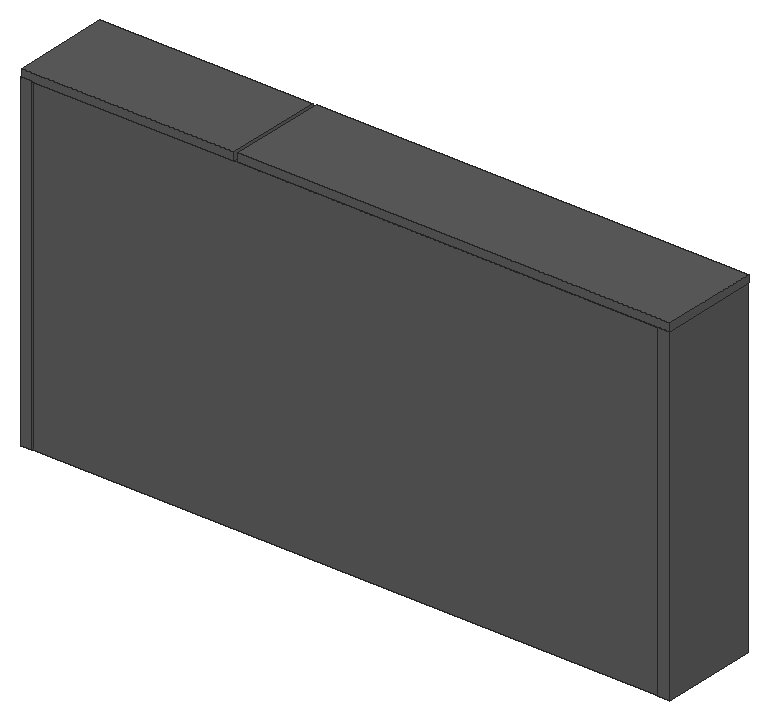
Revit family "SideUnit-90cm-WithDrawer-Right-Vitra-OriginSeries-65847+65848+65849", category Furniture Systems, host Face, Revit 2017
Family settings
  Host = Face
  Round Connector Dimension = Use Diameter
  Part Type = Normal
  OmniClass Number = 23.40.00.00
  OmniClass Title = Equipment and Furnishings
  Cut with Voids When Loaded = No
  Shared = Yes
  Room Calculation Point = No
Parameters (values of type "SideUnit-90cm-Vitra-OriginSeries-65847")
  Youtube = "https://www.youtube.com/user/VitrAglobal"
  Weight Net (kg) = ""
  Warranty Period (Year) = "2"
  Uniformat II Description = "FURNISHINGS"
  Uniformat II Code = "E20"
  Uniclass 2015 Name = "Wash basins, sinks and troughs"
  Uniclass 2015 Code = "Pr_40_20_93"
  Uniclass 2.0 Description = "Bathroom Cabinets"
  Uniclass 2.0 Code = "PR-35-75-08"
  Uniclass 1.4 Description = "Bathroom Cabinets"
  Uniclass 1.4 Code = "L8241"
  URL = "https://vitraglobal.com/"
  UNSPSC Description = "Bathroom Cabinets"
  UNSPSC Code = ""
  Technical description = "https://www.vitraglobal.com/pdf/65847/"
  Tap hole Options (default) = ""
  Specification = ""
  Region South America = "All"
  Region Oceania = "All"
  Region North America = "All"
  Region Middle East = "All"
  Region Europe = "All"
  Region Asia = "All"
  Region Antarctica = "All"
  Region Africa = "All"
  Product url = "https://www.vitraglobal.com/bathroom-furniture/counters/storage-tables/origin-side-unit-with-drawer-sku-65847/"
  Product manual = ""
  Product group = "Origin side unit with drawer"
  Product family = "Origin"
  Product data url = "https://www.bimobject.com/vitra-bathrooms/product/65847-65848-65849"
  Product certification = "https://www.vitraglobal.com/brochures/"
  Product SKU = "65847"
  Product Guid = "https://www.vitraglobal.com/uyeIslem/fileDownload.aspx?udkEnc=YZMEvFXSpEcka+eOirHZJq2ZzgmNHQt8oMPiWyDnE+E01rxAqKWLCrP1KDU7r6XBsmmj2qAB28EdBAmZY1K3sQ==&lang=en-US"
  Primary Material = PatternedBlackOak
  OmniClass Description = "Bathroom Cabinets"
  OmniClass Code = "23-31 25 13"
  Nominal Width (mm) = 900 mm
  Nominal Height (mm) = 150 mm
  Nominal Depth (mm) = 470 mm
  NBS Referans Description = "Bathroom Cabinets"
  NBS Referans Code = "35-75-08"
  Mounting type = "Wall Mounted"
  Model = "65847"
  Masterformat 2014 Description = "Bathroom Unit Modules"
  Masterformat 2014 Code = "13 42 13"
  Manufacturer name = "Vitra"
  Manufacturer = "Vitra"
  Main Material = "Wood"
  Installation instructions = "https://www.vitraglobal.com/uyeIslem/fileDownload.aspx?udkEnc=/ctIPjM94L5V/F7IM0raUe10VlBgBU1g2WVI3lFOPH73595gNNsSqyZJzkEpICDXqIuW4uhTCL6yRikaNJyh3Q==&lang=en-US"
  IFC Classification = "Furniture"
  EAN code = ""
  Design country = "Turkey"
  Description = "Origin side unit with drawer - 90cm - patterned black oak - Right"
  Default Elevation = 660 mm
  Color = "Patterned Black Oak"
  COBIe Type Category = ""
  Brand = "VitrA"
  BIMobject category = "Bathroom compound units"
  Article No. (default) = "65847"
  Accessories (default) = ""
Types (4, lengths in mm): name | Technical description | Product url | Product data url | Product SKU | Product Guid | Primary Material | Model | Installation instructions | Description | Color | Article No. (default)
  (no name) | "https://www.vitraglobal.com/pdf/65847/" | "https://www.vitraglobal.com/bathroom-furniture/counters/storage-tables/origin-side-unit-with-drawer-sku-65847/" | "https://www.bimobject.com/vitra-bathrooms/product/65847-65848-65849" | "65847" | "https://www.vitraglobal.com/uyeIslem/fileDownload.aspx?udkEnc=YZMEvFXSpEcka+eOirHZJq2ZzgmNHQt8oMPiWyDnE+E01rxAqKWLCrP1KDU7r6XBsmmj2qAB28EdBAmZY1K3sQ==&lang=en-US" | PatternedBlackOak | "65847" | "https://www.vitraglobal.com/uyeIslem/fileDownload.aspx?udkEnc=/ctIPjM94L5V/F7IM0raUe10VlBgBU1g2WVI3lFOPH73595gNNsSqyZJzkEpICDXqIuW4uhTCL6yRikaNJyh3Q==&lang=en-US" | "Origin side unit with drawer - 90cm - patterned black oak - Right" | "Patterned Black Oak" | "65847"
  SideUnit-90cm-Vitra-OriginSeries-65847 | "https://www.vitraglobal.com/pdf/65847/" | "https://www.vitraglobal.com/bathroom-furniture/counters/storage-tables/origin-side-unit-with-drawer-sku-65847/" | "https://www.bimobject.com/vitra-bathrooms/product/65847-65848-65849" | "65847" | "https://www.vitraglobal.com/uyeIslem/fileDownload.aspx?udkEnc=YZMEvFXSpEcka+eOirHZJq2ZzgmNHQt8oMPiWyDnE+E01rxAqKWLCrP1KDU7r6XBsmmj2qAB28EdBAmZY1K3sQ==&lang=en-US" | PatternedBlackOak | "65847" | "https://www.vitraglobal.com/uyeIslem/fileDownload.aspx?udkEnc=/ctIPjM94L5V/F7IM0raUe10VlBgBU1g2WVI3lFOPH73595gNNsSqyZJzkEpICDXqIuW4uhTCL6yRikaNJyh3Q==&lang=en-US" | "Origin side unit with drawer - 90cm - patterned black oak - Right" | "Patterned Black Oak" | "65847"
  SideUnit-90cm-Vitra-OriginSeries-65848 | "https://www.vitraglobal.com/pdf/65848/" | "https://www.vitraglobal.com/bathroom-furniture/counters/storage-tables/origin-side-unit-with-drawer-sku-65848/" | "" | "65848" | "https://www.vitraglobal.com/uyeIslem/fileDownload.aspx?udkEnc=CEkvlNXA9FvpaORJsH81d53OstXDSeLrzT1g0TVxIdeG+Dvxlt8Ca67efKlcAgIDg90NtXekcs4kMD8ykCgNqw==&lang=en-US" | Elm | "65848" | "https://www.vitraglobal.com/uyeIslem/fileDownload.aspx?udkEnc=upmNkmj4LE4mEVMqtcSemmwEVsjd+cyR3dT/Fq0gE/hVhD7p/Ypx0eBZ+uW+HzdA+DbTNWs2rwrwiquJixLG8Q==&lang=en-US" | "Origin side unit with drawer - 90cm - Elm - Right" | "Elm" | "65848"
  SideUnit-90cm-Vitra-OriginSeries-65849 | "https://www.vitraglobal.com/pdf/65849/" | "https://www.vitraglobal.com/bathroom-furniture/counters/storage-tables/origin-side-unit-with-drawer-sku-65849/" | "" | "65849" | "https://www.vitraglobal.com/uyeIslem/fileDownload.aspx?udkEnc=CEkvlNXA9FvpaORJsH81d53OstXDSeLrzT1g0TVxIdeG+Dvxlt8Ca67efKlcAgIDg90NtXekcs4kMD8ykCgNqw==&lang=en-US" | Flat Oak | "65849" | "https://www.vitraglobal.com/uyeIslem/fileDownload.aspx?udkEnc=upmNkmj4LE4mEVMqtcSemmwEVsjd+cyR3dT/Fq0gE/hVhD7p/Ypx0eBZ+uW+HzdA+DbTNWs2rwrwiquJixLG8Q==&lang=en-US" | "Origin side unit with drawer - 90cm - Flat Oak - Right" | "Flat Oak" | "65849"
Reference planes
  plane 1 "Center (Front/Back)": y = 0
  plane 2: z = 0
  plane 3 "Center (Left/Right)": x = -8.77
  plane 4: y = 58
  plane 5: y = -92
  plane 6: x = 464.876
  plane 7: x = -435.124
  plane 8: z = 470
Forms (mm)
  Extrusion 1, solid, material "PatternedBlackOak" <- "Primary Material", detail levels medium+fine
    sketch origin (-135.124, -90.156, 477.187) x (0, 1, 0) y (-1, 0, 0)
      loop
        line (135, 298) -> (-1, 298) -> (-1, 4) -> (135, 4) -> (135, 298)
      loop
        line (-1, -600) -> (135, -600) -> (135, -2) -> (-1, -2) -> (-1, -600)
    from -8.024 to -19.145
  Extrusion 2, solid, material "PatternedBlackOak" <- "Primary Material", detail levels medium+fine
    sketch origin (448.876, 43.844, 229.043) x (0, 0, -1) y (1, 0, 0)
      loop
        line (-229, 16) -> (-229, 0) -> (229, 0) -> (229, 16) -> (-229, 16)
      loop
        line (229, -868) -> (-229, -868) -> (-229, -884) -> (229, -884) -> (229, -868)
    from 0 to 135
  Extrusion 3, solid, material "PatternedBlackOak" <- "Primary Material", detail levels medium+fine
    sketch origin (-419.124, 42.844, 50.043) x (0, 0, 1) y (1, 0, 0)
      loop
        line (50, 868) -> (-50, 868) -> (-50, 0) -> (50, 0) -> (50, 868)
      loop
        line (307, 0) -> (407, 0) -> (407, 868) -> (307, 868) -> (307, 0)
    from 0 to -16
  Extrusion 4, solid, material "PatternedBlackOak" <- "Primary Material", detail levels medium+fine
    sketch origin (-419.124, -90.156, 228.543) x (0, 0, 1) y (1, 0, 0)
      loop
        line (-228.5, 0) -> (228.5, 0) -> (228.5, 868) -> (-228.5, 868) -> (-228.5, 0)
    from 0 to 16
  Extrusion 5, solid, detail levels coarse
    sketch origin (0, 0, 0) x (1, 0, 0) y (0, 1, 0)
      loop
        line (464.876, 55) -> (-435.124, 55) -> (-435.124, -91.156) -> (464.876, -91.156) -> (464.876, 55)
    from 0 to 469.163
  Extrusion 6, void
    sketch origin (0, 0, 0) x (1, 0, 0) y (0, 1, 0)
      loop
        line (464.876, 44.844) -> (-433.124, 44.844) -> (-433.124, -91.156) -> (464.876, -91.156) -> (464.876, 44.844)
    from 458.043 to 928.043
Dimensions and locks
  "Nominal Width (mm)": plane 7 to plane 6
  "Nominal Height (mm)": plane 4 to plane 5
  "Nominal Depth (mm)": plane 8 to host face
  aligned and locked: plane 2 to host face
  aligned and locked: level to host face
Automatic sketch dimensions
  host sketch curve to host sketch curve = 2438.4 mm  (x2)
  plane 6 to Extrusion 2 sketch curve = 0 mm
  plane 7 to Extrusion 2 sketch curve = 0 mm
  level to Extrusion 2 sketch curve = 458.043 mm  (x2)
  Extrusion 2 sketch curve to plane 7 = 16 mm
  Extrusion 2 sketch curve to Extrusion 2 sketch curve = 458 mm  (x2)
  plane 6 to Extrusion 2 sketch curve = 16 mm
  Extrusion 3 sketch curve to plane 7 = 16 mm  (x2)
  level to Extrusion 3 sketch curve = 0.043 mm
  Extrusion 3 sketch curve to Extrusion 3 sketch curve = 100 mm
  level to Extrusion 3 sketch curve = 357.043 mm
  level to Extrusion 3 sketch curve = 457.043 mm
  plane 6 to Extrusion 3 sketch curve = 16 mm  (x2)
  plane 6 to Extrusion 4 sketch curve = 16 mm
  level to Extrusion 4 sketch curve = 0.043 mm
  level to Extrusion 4 sketch curve = 457.043 mm
  Extrusion 4 sketch curve to plane 7 = 16 mm
  Extrusion 5 sketch curve to plane 7 = 0 mm
  Extrusion 5 sketch curve to plane 6 = 0 mm
  plane 5 to Extrusion 5 sketch curve = 0.844 mm
  Extrusion 5 sketch curve to plane 4 = 3 mm
  Extrusion 6 sketch curve to plane 7 = 2 mm
  plane 5 to Extrusion 6 sketch curve = 0.844 mm
  plane 3 "Center (Left/Right)" to Extrusion 6 sketch curve = 473.645 mm
  Extrusion 6 sketch curve to plane 4 = 13.156 mm
  Extrusion 1 sketch curve to plane 6 = 0 mm
  plane 5 to Extrusion 1 sketch curve = 0.844 mm  (x2)
  Extrusion 1 sketch curve to plane 4 = 13.156 mm
  Extrusion 1 sketch curve to Extrusion 1 sketch curve = 0 mm
  Extrusion 1 sketch curve to plane 3 "Center (Left/Right)" = 124.355 mm
  Extrusion 1 sketch curve to Extrusion 1 sketch curve = 6 mm
  Extrusion 1 sketch curve to plane 7 = 2 mm
